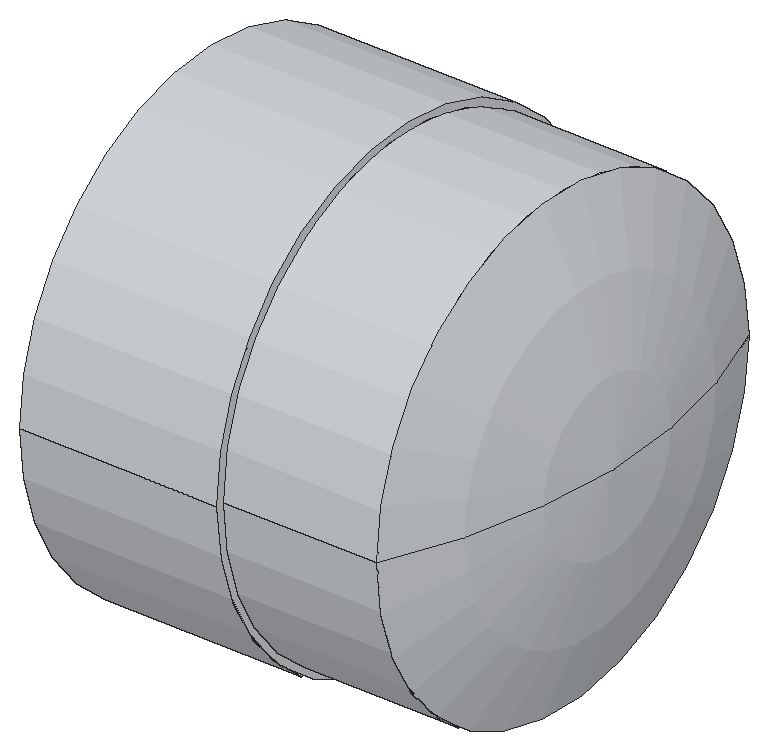
Revit family "M_Cobertura - Rosqueada - MI - Classe 300", category Conexões de tubo, Revit 2019
Family settings
  Cota do conector redondo = Usar raio
  Tipo de parte = Cobertura
  Número OmniClass = 23.60.30.11.14
  Título OmniClass = Pipework Fittings
  ID de item do Seek = Cap - Threaded - MI - Class 300-0000-CAN-ENU
  Com base no plano de trabalho = Não
  Sempre na vertical = Sim
  Corte com vazios quando carregada = Não
  Compartilhado = Não
Parameters (values of type "Padrão")
  Raio 1 [instance] = 0.5 * Raio externo da conexão ^ 2 / Comprimento 1 + Comprimento 1 / 2  # 27.223 mm
  Método de perda = Não definido
  Nome da tabela de pesquisa = "M_Cap - Threaded - MI - Class 300"
  Comprimento 1 [instance] = (Altura - Largura da fita) * 0.25  # 2.525 mm
  Raio nominal [instance] = 4 mm
  Diâmetro nominal [instance] = Raio nominal * 2  # 8 mm
  Espessura do Metal [instance] = size_lookup(Nome da tabela de pesquisa, "MThk", 0.092 * Diâmetro nominal + 4 mm, Diâmetro nominal)  # 4.6 mm
  Altura [instance] = size_lookup(Nome da tabela de pesquisa, "Hgt", 0.5 * Diâmetro nominal + 17.3 mm, Diâmetro nominal)  # 19.8 mm
  Raio externo da conexão [instance] = Diâmetro externo da conexão / 2  # 11.45 mm
  Diâmetro externo da conexão [instance] = Diâmetro interno da conexão + Espessura do Metal * 2  # 22.9 mm
  Diâmetro interno da conexão [instance] = size_lookup(Nome da tabela de pesquisa, "FID", 1.04 * Diâmetro nominal + 6.6 mm, Diâmetro nominal)  # 13.7 mm
  Largura da fita [instance] = size_lookup(Nome da tabela de pesquisa, "BWid", 0.22 * Diâmetro nominal + 9.6 mm, Diâmetro nominal)  # 9.7 mm
  Raio externo da fita [instance] = Diâmetro externo da fita / 2  # 11.8 mm
  Diâmetro externo da fita [instance] = size_lookup(Nome da tabela de pesquisa, "BOD", 1.3 * Diâmetro nominal + 15.1 mm, Diâmetro nominal)  # 23.6 mm
  Ângulo [instance] = asin(Raio externo da conexão / Raio 1)  # 24.8721°
Reference planes
  plane 1 "Centro (Frente/Trás)": y = 0
  plane 2: z = 0
  plane 3 "Centro (Esquerda/Direita)": x = 0
  plane 4: x = 19.8
  plane 5: x = 9.7
  plane 6: x = -7.423
  plane 7: x = 17.275
  plane 8: y = 11.45
Forms (mm)
  Extrusion 1, solid, detail levels fine
    sketch origin (0, 0, 0) x (0, 1, 0) y (0, 0, 1)
      loop
        circle (0, 0) r 11.8
    from 0 to 9.7
  Revolve 2, solid, detail levels fine
    sketch origin (0, 0, 0) x (1, 0, 0) y (0, 1, 0)
      loop
        arc (19.8, 0) -> (19.161, 5.863) -> (17.275, 11.45) r 27.223
        line (17.275, 11.45) -> (9.7, 11.45) -> (9.7, 0) -> (19.8, 0)
      axis (9.7, 0) -> (19.8, 0)
    angle from 0 to 360
Cuts and joins
  joined: Extrusion 1, Revolve 2
Lines and regions (mm)
  model lines, detail levels coarse+medium
    curve 1: line (0, 11.8, 0) -> (19.8, 11.8, 0)
    curve 2: line (0, -11.8, 0) -> (19.8, -11.8, 0)
    curve 3: line (19.8, -11.8, 0) -> (19.8, 11.8, 0)
Dimensions and locks
  "Altura": plane 3 "Centro (Esquerda/Direita)" to plane 4
  "Largura da fita": plane 3 "Centro (Esquerda/Direita)" to plane 5
  equal spacing: curve 2, plane 1 "Centro (Frente/Trás)", curve 1
  "Diâmetro externo da fita": curve 2 to curve 1
  equal spacing: curve 3, plane 1 "Centro (Frente/Trás)", curve 3
  "Diâmetro externo da fita": curve 3 to curve 3
  "Raio 1": plane 6 to plane 4
  "Comprimento 1": plane 7 to plane 4
  "Raio externo da conexão": plane 8 to plane 1 "Centro (Frente/Trás)"
  "Raio externo da fita": radius of Extrusion 1 sketch curve
  "Raio 1": radius of Revolve 2 sketch curve
  "Ângulo": angle Revolve 2 sketch curve to Revolve 2 sketch curve
  aligned and locked: plane 1 "Centro (Frente/Trás)" to Extrusion 1 sketch curve
  aligned and locked: plane 2 to Extrusion 1 sketch curve
  aligned and locked: Extrusion 1 to plane 3 "Centro (Esquerda/Direita)"
  aligned and locked: plane 5 to Extrusion 1
  aligned and locked: plane 3 "Centro (Esquerda/Direita)" to curve 2
  aligned and locked: plane 3 "Centro (Esquerda/Direita)" to curve 1
  aligned and locked: plane 4 to curve 3
  aligned and locked: plane 1 "Centro (Frente/Trás)" to Revolve 2 sketch curve  (x4)
  aligned and locked: plane 5 to Revolve 2 sketch curve  (x2)
  aligned and locked: Revolve 2 sketch curve to plane 8
  aligned and locked: plane 4 to Revolve 2 sketch curve
Automatic sketch dimensions
  Revolve 2 sketch curve to Revolve 2 sketch curve = 9.066 mm
  Revolve 2 sketch curve to Revolve 2 sketch curve = 10 mm
Connectors
  piping at (0, 0, 0), diameter 8, driven by "Raio nominal"
    settings: on Extrusion 1, index 1, connector inside diameter 609.6 mm, connector length 0 mm, flow factor 0, pipe flow 0.0 L/s, pressure drop 0.0 Pa, fitting loss kfactor 0, connector angle 0.00°, fixture units 0, engagement length 0 mm, angle of deflection 0.00°, flow configuration 0, flow direction 0, fitting loss method 0, system type 28, joint type 0, gender type 0, connector reference index -1, connector utility 0, adjustable connector no, is connector primary yes, connector description ""
